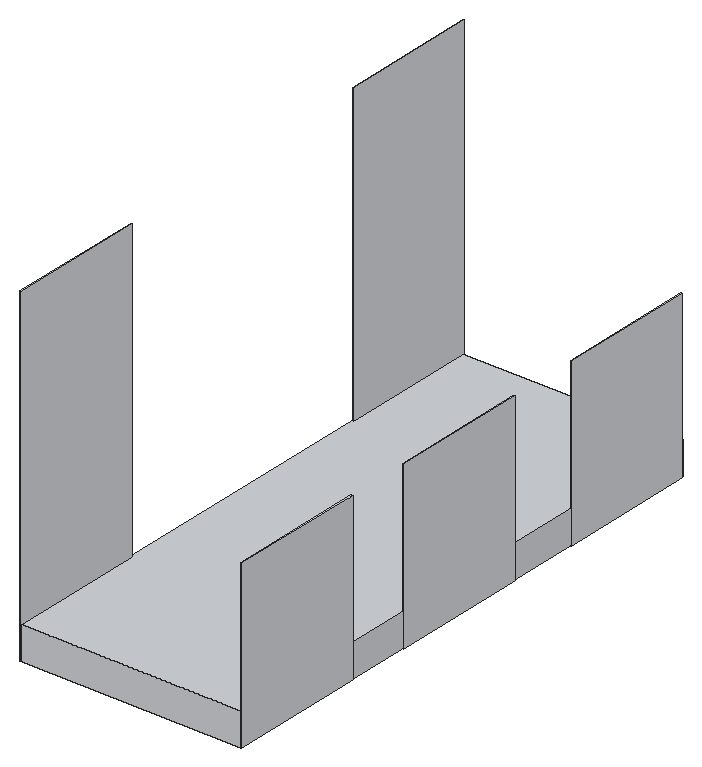
Revit family "LC-generico-Madre", category Modelli generici, Revit 2017
Family settings
  Può ospitare armatura = No
  Quota connettore circolare = Usa diametro
  Tipo di parte = Normale
  Basato su piano di lavoro = No
  Sempre verticale = Sì
  Taglio con vuoti quando caricato = No
  Condiviso = No
  Punto di calcolo locali = No
Parameters (values of type "Solaio")
  lunghezza [instance] = 500 cm
  larghezza [instance] = 200 cm
  altezza [instance] = 30 cm
Reference planes (cm)
  plane 1 "Centro (Fronte/Retro)": y = 0
  plane 2: z = 0
  plane 3 "Centro (Sinistra/Destra)": x = 0
  plane 4: y = 500
  plane 5: x = 200
  plane 6: z = 30
Forms (cm)
  Extrusion 1, solid
    sketch origin (0, 0, 0) x (1, 0, 0) y (0, 1, 0)
      loop
        line (0, 500) -> (0, 0) -> (200, 0) -> (200, 500) -> (0, 500)
    from 0 to 30
Dimensions and locks (cm)
  "lunghezza": plane 1 "Centro (Fronte/Retro)" to plane 4
  "larghezza": plane 3 "Centro (Sinistra/Destra)" to plane 5
  "altezza": plane 6 to level
  aligned and locked: level to plane 2
  aligned and locked: Extrusion 1 to plane 4
  aligned and locked: Extrusion 1 to plane 3 "Centro (Sinistra/Destra)"
  aligned and locked: plane 1 "Centro (Fronte/Retro)" to Extrusion 1
  aligned and locked: Extrusion 1 to plane 5
  aligned and locked: Extrusion 1 to plane 6
Automatic sketch dimensions
  plane 1 "Centro (Fronte/Retro)" to Extrusion 1 sketch curve = 0 cm
  Extrusion 1 sketch curve to plane 3 "Centro (Sinistra/Destra)" = 0 cm
  Extrusion 1 sketch curve to plane 5 = 0 cm
  Extrusion 1 sketch curve to plane 4 = 0 cm
Nested families (cm)
  nested 1: "LC-generico-Figlio" at (0, 0, 0), type "Panello1"
    with Lunghezza 125 cm, Larghezza 1 cm, Altezza 300 cm
  nested 2: "LC-generico-Figlio" at (0, 376.6397, 0), type "Panello1"
    with Lunghezza 125 cm, Larghezza 1 cm, Altezza 300 cm
  nested 3: "LC-generico-Figlio" at (200, 183.3753, 0), type "Pannello2"
    with Lunghezza 125 cm, Larghezza 1 cm, Altezza 150 cm
  nested 4: "LC-generico-Figlio" at (200, 0, 0), type "Pannello2"
    with Lunghezza 125 cm, Larghezza 1 cm, Altezza 150 cm
  nested 5: "LC-generico-Figlio" at (200, 373.3877, 0), type "Pannello2"
    with Lunghezza 125 cm, Larghezza 1 cm, Altezza 150 cm
Definition of nested family "LC-generico-Figlio"
  Parameters (values of type "Panello1")
    Lunghezza [instance] = 125 cm
    Larghezza [instance] = 1 cm
    Altezza [instance] = 300 cm
  Types (3, lengths in cm): name | Altezza
    (no name) | 300
    Panello1 | 300
    Pannello2 | 150
  Reference planes (cm)
    plane 1 "Centro (Fronte/Retro)": y = 0
    plane 2: z = 0
    plane 3 "Centro (Sinistra/Destra)": x = 0
    plane 4: x = 1
    plane 5: y = 125
    plane 6: z = 300
  Forms (cm)
    Extrusion 1, solid
      sketch origin (0, 0, 0) x (1, 0, 0) y (0, 1, 0)
        loop
          line (0, 125) -> (0, 0) -> (1, 0) -> (1, 125) -> (0, 125)
      from 0 to 300
  Dimensions and locks (cm)
    "Lunghezza": plane 1 "Centro (Fronte/Retro)" to plane 5
    "Larghezza": plane 3 "Centro (Sinistra/Destra)" to plane 4
    "Altezza": plane 6 to level
    aligned and locked: level to plane 2
    aligned and locked: Extrusion 1 to plane 5
    aligned and locked: Extrusion 1 to plane 3 "Centro (Sinistra/Destra)"
    aligned and locked: plane 1 "Centro (Fronte/Retro)" to Extrusion 1
    aligned and locked: plane 4 to Extrusion 1
    aligned and locked: plane 6 to Extrusion 1
  Automatic sketch dimensions
    plane 1 "Centro (Fronte/Retro)" to Extrusion 1 sketch curve = 0 cm
    Extrusion 1 sketch curve to plane 3 "Centro (Sinistra/Destra)" = 0 cm
    Extrusion 1 sketch curve to plane 4 = 0 cm
    plane 5 to Extrusion 1 sketch curve = 0 cm
